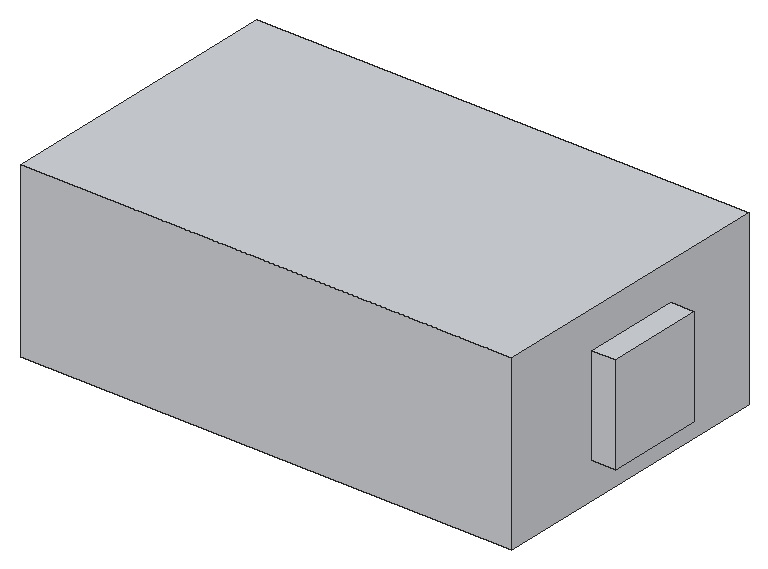
Revit family "AHU family creation", category Mechanical Equipment, Revit 2017
Family settings
  Round Connector Dimension = Use Diameter
  Part Type = Normal
  OmniClass Number = 23.75.00.00
  OmniClass Title = Climate Control (HVAC)
  Work Plane-Based = No
  Always vertical = Yes
  Cut with Voids When Loaded = No
  Shared = No
  Room Calculation Point = No
Parameters
  width [instance] = 600 mm
  Legnth [instance] = 1000 mm
  B [instance] = 200 mm
  A [instance] = 200 mm
Reference planes
  plane 1 "Center (Front/Back)": y = 0
  plane 2: z = 0
  plane 3 "Center (Left/Right)": x = 0
  plane 4 "Plane1": x = 500
  plane 5: z = 175
Forms (mm)
  Extrusion 1, solid
    sketch origin (0, 0, 0) x (1, 0, 0) y (0, 1, 0)
      loop
        line (-500, 300) -> (-500, -300) -> (500, -300) -> (500, 300) -> (-500, 300)
    from 0 to 350
  Extrusion 2, solid
    sketch origin (500, 0, 0) x (0, 1, 0) y (0, 0, 1)
      loop
        line (-100, 275) -> (-100, 75) -> (100, 75) -> (100, 275) -> (-100, 275)
    from 0 to 50
  Extrusion 3, solid
    sketch origin (-500, 0, 0) x (0, 1, 0) y (0, 0, -1)
      loop
        line (-100, -275) -> (100, -275) -> (100, -75) -> (-100, -75) -> (-100, -275)
    from 0 to 50
Lines and regions (mm)
  reference lines
    curve 1: line (-830.2, 300, 0) -> (350.276, 300, 0)
    curve 2: line (-830.2, -300, 0) -> (655.076, -300, 0)
    curve 3: line (500, 721.744, 0) -> (500, -700.132, 0)
    curve 4: line (-500, 721.744, 0) -> (-500, -700.132, 0)
    curve 5: line (500, 100, 517.02) -> (500, 100, -122.98)
    curve 6: line (500, -100, 518.556) -> (500, -100, -122.98)
    curve 7: line (500, -311.937, 75) -> (500, 328.063, 75)
    curve 8: line (500, -311.937, 275) -> (500, 368.063, 275)
Dimensions and locks
  equal spacing: curve 2, plane 1 "Center (Front/Back)", curve 1
  "width": curve 2 to curve 1
  "Legnth": curve 4 to curve 3
  equal spacing: curve 4, plane 3 "Center (Left/Right)", curve 3
  equal spacing: curve 7, plane 5, curve 8
  equal spacing: curve 6, plane 1 "Center (Front/Back)", curve 5
  "B": curve 6 to curve 5
  "A": curve 7 to curve 8
  aligned and locked: level to plane 2
  aligned and locked: curve 1 to Extrusion 1 sketch curve
  aligned and locked: Extrusion 1 sketch curve to curve 4
  aligned and locked: Extrusion 1 sketch curve to curve 2
  aligned and locked: curve 3 to Extrusion 1 sketch curve
  aligned and locked: curve 8 to Extrusion 2 sketch curve
  aligned and locked: Extrusion 2 sketch curve to curve 6
  aligned and locked: Extrusion 2 sketch curve to curve 7
  aligned and locked: curve 5 to Extrusion 2 sketch curve
Automatic sketch dimensions
  curve 1 to curve 4 = 330.2 mm
  curve 2 to curve 4 = 330.2 mm
  curve 1 to plane 4 "Plane1" = 149.724 mm
  plane 4 "Plane1" to curve 2 = 155.076 mm
  curve 3 to curve 2 = 400.132 mm
  curve 4 to curve 2 = 400.132 mm
  curve 1 to curve 4 = 421.744 mm
  curve 1 to curve 3 = 421.744 mm
  plane 1 "Center (Front/Back)" to curve 8 = 311.937 mm
  curve 7 to curve 8 = 0 mm
  curve 5 to curve 7 = 228.063 mm
  curve 7 to curve 8 = 40 mm
  curve 6 to level = 122.98 mm
  curve 5 to level = 122.98 mm
  plane 5 to curve 5 = 342.02 mm
  curve 5 to curve 6 = 1.536 mm
  plane 1 "Center (Front/Back)" to Extrusion 3 sketch curve = 100 mm
  Extrusion 3 sketch curve to plane 1 "Center (Front/Back)" = 100 mm
  plane 5 to Extrusion 3 sketch curve = 100 mm
  level to Extrusion 3 sketch curve = 75 mm
Connectors
  hvac at (-550, 0, 175)
    settings: on Extrusion 3, index 1, duct flow 0 CFM, flow factor 0, pres drop 0.00 in-wg, loss coef 0, conn angle 0.00°, conn width 12", conn height 12", conn diameter 24", duct sys type 1, conn prof type 1, flow config 0, flow direction 0, loss method 0, conn ref index -1, conn util no, is conn primary yes, conn desc ""
  hvac at (-550, 0, 175)
    settings: on Extrusion 3, index 2, duct flow 0 CFM, flow factor 0, pres drop 0.00 in-wg, loss coef 0, conn angle 0.00°, conn width 12", conn height 12", conn diameter 24", duct sys type 1, conn prof type 1, flow config 0, flow direction 0, loss method 0, conn ref index -1, conn util no, is conn primary no, conn desc ""
  hvac at (-550, 0, 175)
    settings: on Extrusion 3, index 3, duct flow 0 CFM, flow factor 0, pres drop 0.00 in-wg, loss coef 0, conn angle 0.00°, conn width 7.87402", conn height 7.87402", conn diameter 24", duct sys type 2, conn prof type 1, flow config 0, flow direction 1, loss method 0, conn ref index -1, conn util no, is conn primary no, conn desc ""
  hvac at (550, 0, 175)
    settings: on Extrusion 2, index 4, duct flow 0 CFM, flow factor 0, pres drop 0.00 in-wg, loss coef 0, conn angle 0.00°, conn width 7.87402", conn height 7.87402", conn diameter 24", duct sys type 1, conn prof type 1, flow config 0, flow direction 2, loss method 0, conn ref index -1, conn util no, is conn primary no, conn desc ""
  electrical at (0, 300, 175)
    settings: on Extrusion 1, index 5, voltage 0 V, apparent load 0 VA, apparent load phase1 0 VA, apparent load phase2 0 VA, apparent load phase3 0 VA, power factor 1, load classification "Other", number of poles 1, system type 30, power factor state 1, is connector primary yes, connector utility no, sub classification motor no, connector description ""
  piping at (0, -300, 175), diameter 100
    settings: on Extrusion 1, index 6, connector inside diameter 24", connector length 0 mm, flow factor 0, pipe flow 0 GPM, pressure drop 0.00 psi, fitting loss kfactor 0, connector angle 0.00°, fixture units 0, engagement length 0 mm, angle of deflection 0.00°, flow configuration 0, flow direction 0, fitting loss method 0, system type 19, joint type 0, gender type 0, connector reference index -1, connector utility 0, adjustable connector no, is connector primary yes, connector description ""
